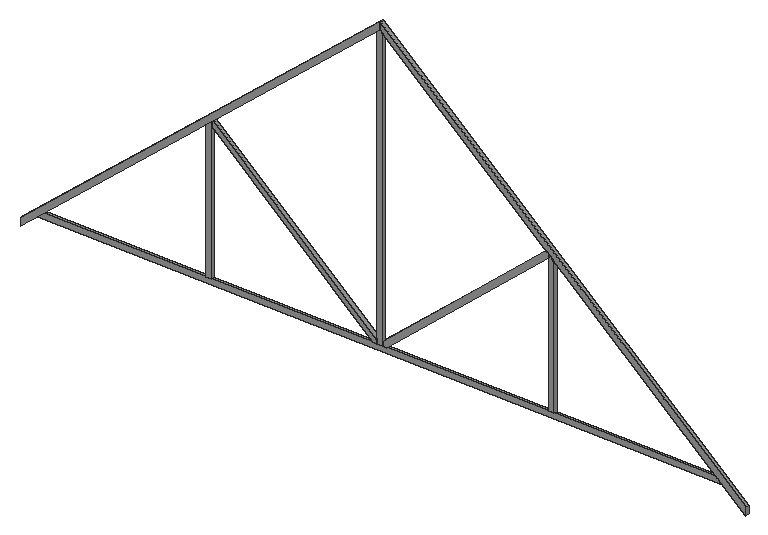
Revit family "HoweTruss", category Structural Framing, Revit 2020
Family settings
  Section Shape = Not Defined
  Material for Model Behavior = Wood
  Always export as geometry = No
  OmniClass Number = 23.25.30.21.14
  OmniClass Title = Trussed Beams and Joists
  Work Plane-Based = No
  Always vertical = Yes
  Cut with Voids When Loaded = No
  Symbolic Representation = From Family
  Shared = No
  Show family pre-cut in plan views = Yes
Parameters
  WebWidth [instance] = 50 mm
  WebDepth [instance] = 100 mm
  T_Volume [instance] = 0.00 m³
  TopWidth [instance] = 50 mm
  Structural Material [instance] = Poche
  SpanRight [instance] = 6000 mm
  SpanLeft [instance] = 6000 mm
  Span [instance] = SpanLeft + SpanRight  # 12000 mm
  SlopeRight [instance] = 40.00°
  SlopeLeft [instance] = 40.00°
  OverhangRight [instance] = 300 mm
  OverhangLeft [instance] = 400 mm
  TopDepth [instance] = 100 mm
  BottomWidth [instance] = 50 mm
  BottomDepth [instance] = 100 mm
Reference planes
  plane 1 "Center (Front/Back)": y = 0
  plane 2: z = 0
  plane 3 "Center (Left/Right)": x = 0
  plane 4: x = -6000
  plane 5: x = 6000
  plane 6: x = 6400
  plane 7: x = -6300
  plane 8: z = 100
  plane 9: x = -3000
  plane 10: x = -50
  plane 11: x = 50
  plane 12: x = 3000
  plane 13: x = 2950
  plane 14: x = 3050
  plane 15: x = -3050
  plane 16: x = -2950
Forms (mm)
  Extrusion 1, solid, material "Cherry"
    sketch origin (0, 0, 0) x (1, 0, 0) y (0, 0, 1)
      loop
        line (6400, -335.64) -> (6400, -205.099) -> (0, 5165.139) -> (0, 5034.598) -> (6400, -335.64)
    from -40 to 25
  Extrusion 2, solid, material "Cherry"
    sketch origin (0, 0, 0) x (1, 0, 0) y (0, 0, 1)
      loop
        line (-6300, -121.189) -> (-6300, -251.73) -> (0, 5034.598) -> (0, 5165.139) -> (-6300, -121.189)
    from -40 to 25
  Extrusion 3, solid, material "Cherry"
    sketch origin (0, 0, 0) x (1, 0, 0) y (0, 0, 1)
      loop
        line (-6000, 0) -> (6000, 0) -> (5880.825, 100) -> (-5880.825, 100) -> (-6000, 0)
    from -25 to 25
  Extrusion 4, solid, material "Cherry"
    sketch origin (0, 0, 0) x (1, 0, 0) y (0, 0, 1)
      loop
        line (127.307, 100) -> (2950, 2493.696) -> (2950, 2559.254) -> (2911.142, 2591.86) -> (50, 165.558) -> (50, 100) -> (127.307, 100)
    from -25 to 25
  Extrusion 5, solid, material "Cherry"
    sketch origin (0, 0, 0) x (1, 0, 0) y (0, 0, 1)
      loop
        line (-50, 165.558) -> (-2911.142, 2591.86) -> (-2950, 2559.254) -> (-2950, 2493.696) -> (-127.307, 100) -> (-50, 100) -> (-50, 165.558)
    from -25 to 25
  Extrusion 6, solid, material "Cherry"
    sketch origin (0, 0, 0) x (1, 0, 0) y (0, 0, 1)
      loop
        line (3050, 2475.344) -> (2950, 2559.254) -> (2950, 100) -> (3050, 100) -> (3050, 2475.344)
    from -25 to 25
  Extrusion 7, solid, material "Cherry"
    sketch origin (0, 0, 0) x (1, 0, 0) y (0, 0, 1)
      loop
        line (-2950, 2559.254) -> (-3050, 2475.344) -> (-3050, 100) -> (-2950, 100) -> (-2950, 2559.254)
    from -25 to 25
  Extrusion 8, solid, material "Cherry"
    sketch origin (0, 0, 0) x (1, 0, 0) y (0, 0, 1)
      loop
        line (50, 4992.643) -> (0, 5034.598) -> (-50, 4992.643) -> (-50, 100) -> (50, 100) -> (50, 4992.643)
    from -25 to 25
Lines and regions (mm)
  reference lines
    curve 1: line (6000, 0, 0) -> (0, 0, 5034.598)
    curve 2: line (-6000, 0, 0) -> (0, 0, 5034.598)
    curve 3: line (6001.738, 0, 129.083) -> (-8.024, 0, 5171.871)
    curve 4: line (-5999.444, 0, 131.007) -> (-84.65, 0, 5094.109)
    curve 5: line (0, 25, 1939.254) -> (0, 25, -520.746)
    curve 6: line (0, -25, 1939.254) -> (0, -25, -520.746)
    curve 7: line (0, -25, 1939.254) -> (0, -25, -520.746)
    curve 8: line (0, -25, 1939.254) -> (0, -25, -520.746)
    curve 9: line (0, 25, 1939.254) -> (0, 25, -520.746)
    curve 10: line (0, 25, 1939.254) -> (0, 25, -520.746)
    curve 11: line (50, 0, 100) -> (2950, 0, 2559.254)
    curve 12: line (-50, 0, 100) -> (-2950, 0, 2559.254)
    curve 13: line (-28.171, 0, 99.267) -> (2911.142, 0, 2591.86)
    curve 14: line (50.725, 0, 35.057) -> (2988.858, 0, 2526.648)
    curve 15: line (28.171, 0, 99.267) -> (-2911.142, 0, 2591.86)
    curve 16: line (-50.725, 0, 35.057) -> (-2988.858, 0, 2526.648)
Dimensions and locks
  "SpanLeft": plane 3 "Center (Left/Right)" to plane 5
  "SpanRight": plane 3 "Center (Left/Right)" to plane 4
  "OverhangLeft": plane 5 to plane 6
  "OverhangRight": plane 7 to plane 4
  "BottomDepth": level to plane 8
  "TopDepth": curve 1 to curve 3
  "TopDepth": curve 4 to curve 2
  equal spacing: curve 5, curve 4, curve 6
  "TopWidth": curve 5 to curve 6
  equal spacing: curve 9, curve 4, curve 7
  "WebWidth": curve 9 to curve 7
  equal spacing: curve 10, curve 4, curve 8
  "BottomWidth": curve 10 to curve 8
  equal spacing: plane 11, plane 3 "Center (Left/Right)", plane 10
  "WebDepth": plane 11 to plane 10
  equal spacing: plane 5, plane 12, plane 3 "Center (Left/Right)"
  equal spacing: plane 3 "Center (Left/Right)", plane 9, plane 4
  equal spacing: plane 14, plane 12, plane 13
  "WebDepth": plane 14 to plane 13
  equal spacing: plane 16, plane 9, plane 15
  "WebDepth": plane 16 to plane 15
  equal spacing: curve 14, curve 11, curve 13
  "WebDepth": curve 14 to curve 13
  equal spacing: curve 15, curve 12, curve 16
  "WebDepth": curve 15 to curve 16
  "SlopeLeft": angle level to curve 1
  "SlopeRight": angle curve 2 to level
  aligned and locked: plane 2 to level
  aligned and locked: plane 3 "Center (Left/Right)" to curve 1
  aligned and locked: plane 5 to curve 1
  aligned and locked: curve 1 to level
  aligned and locked: level to curve 2
  aligned and locked: Extrusion 1 sketch curve to curve 1
  aligned and locked: Extrusion 1 sketch curve to curve 3
  aligned and locked: Extrusion 1 sketch curve to plane 3 "Center (Left/Right)"
  aligned and locked: Extrusion 1 sketch curve to plane 6
  aligned and locked: Extrusion 1 to curve 6
  aligned and locked: Extrusion 2 sketch curve to curve 4
  aligned and locked: Extrusion 2 sketch curve to curve 2
  aligned and locked: plane 7 to Extrusion 2 sketch curve
  aligned and locked: Extrusion 2 sketch curve to plane 3 "Center (Left/Right)"
  aligned and locked: Extrusion 2 to Extrusion 1
  aligned and locked: Extrusion 1 to Extrusion 2
  aligned and locked: Extrusion 3 sketch curve to level
  aligned and locked: Extrusion 3 sketch curve to plane 8
  aligned and locked: Extrusion 1 to Extrusion 3 sketch curve
  aligned and locked: Extrusion 2 to Extrusion 3 sketch curve
  aligned and locked: curve 10 to Extrusion 3
  aligned and locked: Extrusion 3 to curve 8
  aligned and locked: curve 14 to Extrusion 4 sketch curve
  aligned and locked: curve 13 to Extrusion 4 sketch curve
  aligned and locked: Extrusion 4 sketch curve to plane 13
  aligned and locked: Extrusion 1 to Extrusion 4 sketch curve
  aligned and locked: plane 11 to Extrusion 4 sketch curve
  aligned and locked: Extrusion 3 to Extrusion 4 sketch curve
  aligned and locked: curve 15 to Extrusion 5 sketch curve
  aligned and locked: curve 16 to Extrusion 5 sketch curve
  aligned and locked: Extrusion 2 to Extrusion 5 sketch curve
  aligned and locked: Extrusion 5 sketch curve to plane 10
  aligned and locked: Extrusion 3 to Extrusion 5 sketch curve
  aligned and locked: plane 16 to Extrusion 5 sketch curve
  aligned and locked: plane 14 to Extrusion 6 sketch curve
  aligned and locked: Extrusion 6 sketch curve to plane 13
  aligned and locked: Extrusion 1 to Extrusion 6 sketch curve
  aligned and locked: Extrusion 3 to Extrusion 6 sketch curve
  aligned and locked: plane 16 to Extrusion 7 sketch curve
  aligned and locked: Extrusion 7 sketch curve to plane 15
  aligned and locked: Extrusion 2 to Extrusion 7 sketch curve
  aligned and locked: Extrusion 3 to Extrusion 7 sketch curve
  aligned and locked: plane 11 to Extrusion 8 sketch curve
  aligned and locked: Extrusion 8 sketch curve to plane 10
  aligned and locked: Extrusion 3 to Extrusion 8 sketch curve
  aligned and locked: Extrusion 8 sketch curve to Extrusion 1
  aligned and locked: Extrusion 2 to Extrusion 8 sketch curve
  aligned and locked: Extrusion 7 to curve 9
  aligned and locked: Extrusion 7 to curve 7
  aligned and locked: Extrusion 5 to curve 9
  aligned and locked: Extrusion 5 to curve 7
  aligned and locked: Extrusion 4 to curve 9
  aligned and locked: Extrusion 4 to curve 7
  aligned and locked: Extrusion 6 to curve 9
  aligned and locked: Extrusion 6 to curve 7
  aligned and locked: Extrusion 8 to curve 9
  aligned and locked: Extrusion 8 to curve 7
Automatic sketch dimensions
  plane 16 to curve 12 = 0 mm
  curve 12 to plane 8 = 0 mm
  curve 12 to plane 10 = 0 mm
  curve 11 to plane 8 = 0 mm
  plane 11 to curve 11 = 0 mm
  curve 11 to plane 13 = 0 mm
  curve 4 to plane 4 = 0.556 mm
  curve 4 to plane 10 = 34.65 mm
  curve 16 to plane 10 = 0.725 mm
  curve 13 to plane 8 = 0.733 mm
  curve 3 to plane 3 "Center (Left/Right)" = 8.024 mm
  curve 15 to plane 8 = 0.733 mm
  curve 14 to plane 11 = 0.725 mm
  curve 3 to plane 5 = 1.738 mm
  curve 10 to level = 520.746 mm
  curve 5 to curve 10 = 0 mm
  curve 8 to curve 5 = 0 mm
  curve 6 to curve 5 = 0 mm  (x2)
  curve 8 to curve 7 = 0 mm  (x2)
  curve 9 to curve 10 = 0 mm  (x2)
  plane 8 to curve 6 = 1839.254 mm
  curve 6 to curve 9 = 0 mm
  curve 8 to curve 6 = 0 mm
